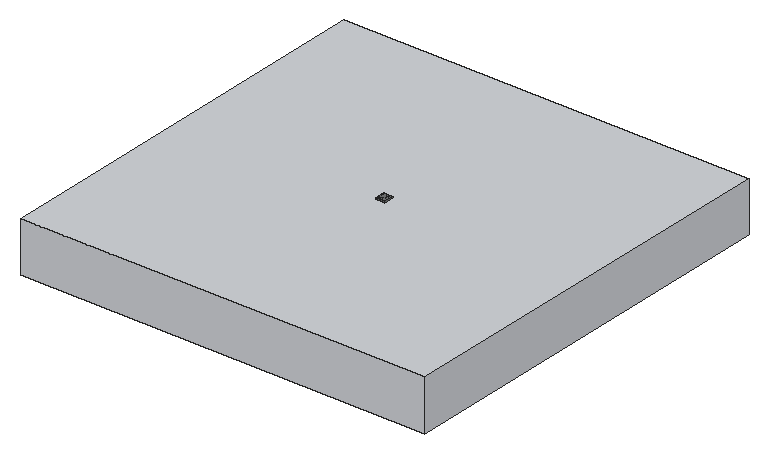
Revit family "Gira_065003", category Elektroinstallationen, Revit 2017
Family settings
  Basisbauteil = Fläche
  Beschriftungsausrichtung beibehalten = Nein
  Bemaßung runder Anschluss = Durchmesser verwenden
  Teiletyp = Normal
  Beim Laden mit Abzugskörper schneiden = Nein
  Gemeinsam genutzt = Nein
  Raumberechnungspunkt = Nein
Parameters
  Zusammenstellung = "Zentralplatte"
  Werkstoffgüte = "Thermoplast"
  Werkstoff = "Kunststoff"
  Verwendung = "Dimmer"
  URL = "https://www.gira.de/"
  Typname = "Abd. Knopf Dimmer + Potentiometer System 55 Reinweiß"
  Typ Kontakt = "Öffner"
  Transparent = no
  Tragring = no
  Thermische Rückkopplung = "ohne"
  Temperatur ablesbar = no
  Sensor extern = no
  Schutzart (IP) = "IP20"
  Regelcharakteristik = "sonstige"
  RAL-Nummer (ähnlich) = 9010
  RAL-Nummer = 9010
  Produktseite = "http://katalog.gira.de/de_DE/datenblatt.html?artikelnr=065003"
  Oberfläche = "sonstige"
  Montageart = "Unterputz"
  Mit austauschbarer Linse/Symbol = no
  Mit Zugentlastung = no
  Mit Trinkwasserschaltung = no
  Mit Staubschutz = no
  Mit Klappdeckel = no
  Mit Geräuschniveauanzeige = no
  Mit Empfänger = no
  Mit Display = no
  Mit Beschriftungsfeld = no
  Mit Aufdruck = no
  Messbereich unterer Wert [m/s] = 5
  Messbereich oberer Wert [m/s] = 30
  Lüsterklemme = no
  Kühlen = no
  Kontrollfenster/Lichtauslass = no
  Hersteller = "Gira"
  Heizen = yes
  Halogenfrei = yes
  HAN = "065003"
  Geeignet für Schutzart (IP) = "IP20"
  Geeignet für Bussystem-Tasterankopplung = no
  GTIN = "4010337650034"
  Farbe = "weiß"
  Explosionsgeschützt = no
  Differenz verstellbar = no
  Datenblatt = "https://katalog.gira.de/de_DE/download.html?artikelnr=065003"
  Bussystem Powernet = no
  Bussystem LON = no
  Bussystem KNX-Funk = no
  Bussystem KNX = yes
  Bussystem Funkbus = no
  Beschriftungsfeld = "ohne Beschriftungsfeld"
  Beschreibung = "Abdeckung mit Knopf für Dimmer und elektronisches Potentiometer  Reinweiß glänzend"
  Befestigungsart = "Klemmbefestigung"
  Bedienung = "Dreh"
  Bauelement = "Sys55_Abdeckung_Schalten und Tasten"
  Default Elevation = 1219.2 mm
  BIM = "https://media.stage.bim.site/public/gira/876eb45/Sys55_Abdeckung_Schalten%20und%20Tasten.rfa?public/gira/876eb45/Sys55_Abdeckung_Schalten und Tasten.rfa"
  Ausführung der Oberfläche = "glänzend"
  Ausführung Aufnehmer/Fühler = "sonstige"
  Ausführung = "Drehknopf"
  Aufdruck/Kennzeichnung = "ohne Aufdruck"
  Art der Spannungsversorgung = "230 V AC"
  Anthrazit [instance] = Anthrazit
  Anschluss = "Zweidraht"
  Andere Bussysteme = "ohne"
  Abtastbares Symbol/barrierefrei = no
Reference planes
  plane 1 "Center (Front/Back)": y = 0
  plane 2: z = 0
  plane 3 "Center (Left/Right)": x = 0
Forms (mm)
  Extrusion 1, solid
    sketch origin (0, 0, 0) x (1, 0, 0) y (0, 1, 0)
      loop
        line (-1219.2, 1219.2) -> (-1219.2, -1219.2) -> (1219.2, -1219.2) -> (1219.2, 1219.2) -> (-1219.2, 1219.2)
    from 0 to -304.8
  Extrusion 2, solid, material "Anthrazit" <- "Anthrazit", detail levels fine
    sketch origin (0, 0, 0) x (1, 0, 0) y (0, 1, 0)
      loop
        line (-27.5, 27.5) -> (-27.5, -27.5) -> (27.5, -27.5) -> (27.5, 27.5) -> (-27.5, 27.5)
    from 0 to 8
  Extrusion 3, void
    sketch origin (0, 0, 0) x (1, 0, 0) y (0, 1, 0)
      loop
        line (26, 26) -> (-26, 26) -> (-26, -26) -> (26, -26) -> (26, 26)
    from 0 to 6
  Extrusion 4, solid, material "Anthrazit" <- "Anthrazit", detail levels medium
    sketch origin (0, 0, 0) x (1, 0, 0) y (0, 1, 0)
      loop
        line (-27.5, 27.5) -> (-27.5, -27.5) -> (27.5, -27.5) -> (27.5, 27.5) -> (-27.5, 27.5)
    from 0 to 8
  Extrusion 5, solid, material "Anthrazit" <- "Anthrazit", detail levels medium
    sketch origin (0, 0, 0) x (1, 0, 0) y (0, 1, 0)
      loop
        line (11, -17.5) -> (11, 17.5) -> (-11, 17.5) -> (-11, -17.5) -> (11, -17.5)
    from -6 to 6
  Extrusion 6, solid, material "Anthrazit" <- "Anthrazit", detail levels fine
    sketch origin (0, 0, 0) x (1, 0, 0) y (0, 1, 0)
      loop
        line (11, 17.5) -> (-11, 17.5) -> (-11, 16.5) -> (11, 16.5) -> (11, 17.5)
      loop
        line (-11, -16.5) -> (-11, -17.5) -> (11, -17.5) -> (11, -16.5) -> (-11, -16.5)
    from -4 to 6
  Extrusion 7, solid, material "Anthrazit" <- "Anthrazit", detail levels fine
    sketch origin (0, 0, 0) x (1, 0, 0) y (0, 1, 0)
      loop
        arc (5, 9.347) -> (0, 10.6) -> (-5, 9.347) r 10.6
        line (-5, 9.347) -> (-5, -9.347)
        arc (-5, -9.347) -> (0, -10.6) -> (5, -9.347) r 10.6
        line (5, -9.347) -> (5, 9.347)
    from -6 to 6
  Extrusion 8, solid, material "Anthrazit" <- "Anthrazit", detail levels coarse
    sketch origin (0, 0, 0) x (1, 0, 0) y (0, 1, 0)
      loop
        line (-27.5, 27.5) -> (-27.5, -27.5) -> (27.5, -27.5) -> (27.5, 27.5) -> (-27.5, 27.5)
    from -6 to 8
Cuts and joins
  Extrusion 3 cuts Extrusion 2
Dimensions and locks
  aligned and locked: plane 2 to Extrusion 1
  aligned and locked: level to Extrusion 1
